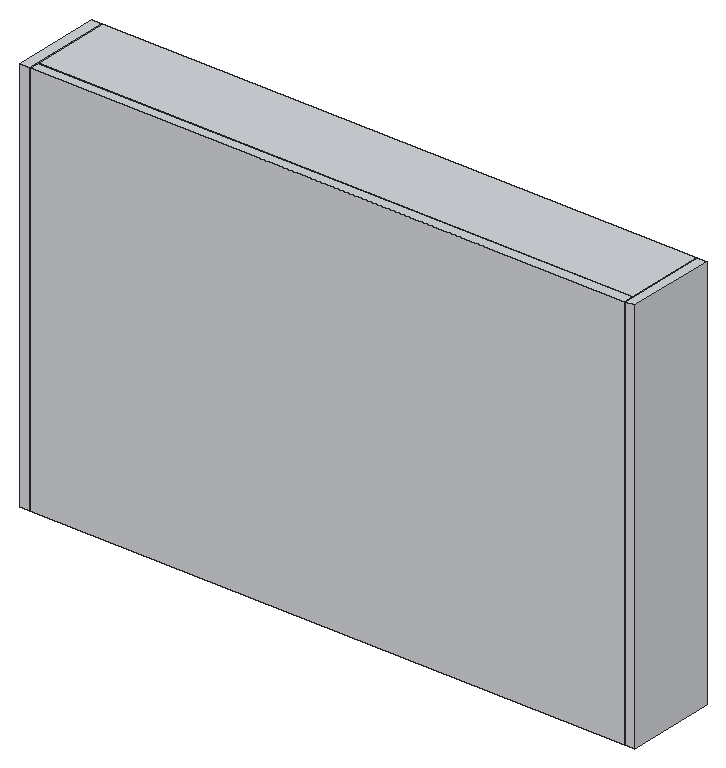
Revit family
Parameters
  profondità = 450 mm
  metà larghezza = larghezza / 2  # 1550 mm
  metà altezza = altezza / 2  # 1000 mm
  larghezza = 3100 mm
  altezza = 2000 mm
  Profondità_scaff = 400 mm
Reference planes
  plane 1 "Centro (Fronte/Retro)": y = 0
  plane 2: z = 0
  plane 3 "Centro (Sinistra/Destra)": x = 0
  plane 4: y = 1000
  plane 5: y = -1000
  plane 6: x = 1500
  plane 7: x = -1500
  plane 8: y = 500
  plane 9: y = -550
  plane 10: x = 0
  plane 11: y = 0
  plane 12: x = -750
  plane 13: x = 750
  plane 14: y = -950
  plane 15: z = 2000
  plane 16: z = 1000
  plane 17: z = 1500
  plane 18: z = 50
  plane 19: z = 510
  plane 20: z = 490
  plane 21: z = 1010
  plane 22: z = 990
  plane 23: z = 1510
  plane 24: z = 1490
  plane 25: z = 1950
  plane 26: x = -1550
  plane 27: x = 1550
  plane 28: x = 20
  plane 29: x = -20
Forms (mm)
  Extrusion 1, solid
    sketch origin (0, 0, 0) x (1, 0, 0) y (0, 1, 0)
      loop
        line (-1500, -950) -> (-1500, -1000) -> (1500, -1000) -> (1500, -950) -> (-1500, -950)
    from 0 to 2000
  Extrusion 2, solid
    sketch origin (0, 0, 0) x (1, 0, 0) y (0, 0, 1)
      loop
        line (-1500, 510) -> (-1500, 490) -> (1500, 490) -> (1500, 510) -> (-1500, 510)
    from 550 to 950
  Extrusion 3, solid
    sketch origin (0, 0, 0) x (1, 0, 0) y (0, 0, 1)
      loop
        line (-1500, 1010) -> (-1500, 990) -> (1500, 990) -> (1500, 1010) -> (-1500, 1010)
    from 550 to 950
  Extrusion 4, solid
    sketch origin (0, 0, 0) x (1, 0, 0) y (0, 0, 1)
      loop
        line (-1500, 1510) -> (-1500, 1490) -> (1500, 1490) -> (1500, 1510) -> (-1500, 1510)
    from 550 to 950
  Extrusion 5, solid
    sketch origin (0, 0, 0) x (1, 0, 0) y (0, 0, 1)
      loop
        line (-1500, 2000) -> (-1500, 1950) -> (1500, 1950) -> (1500, 2000) -> (-1500, 2000)
    from 550 to 950
  Extrusion 6, solid
    sketch origin (0, 0, 0) x (1, 0, 0) y (0, 0, 1)
      loop
        line (1550, 2000) -> (1500, 2000) -> (1500, 0) -> (1550, 0) -> (1550, 2000)
    from 550 to 1000
  Extrusion 7, solid
    sketch origin (0, 0, 0) x (1, 0, 0) y (0, 0, 1)
      loop
        line (-1500, 2000) -> (-1550, 2000) -> (-1550, 0) -> (-1500, 0) -> (-1500, 2000)
    from 550 to 1000
  Extrusion 8, solid
    sketch origin (0, 0, 0) x (1, 0, 0) y (0, 0, 1)
      loop
        line (1500, 50) -> (-1500, 50) -> (-1500, 0) -> (1500, 0) -> (1500, 50)
    from 550 to 950
Dimensions and locks
  "altezza": plane 15 to level
  "metà altezza": plane 16 to level
  plane 15 to level = 2000 mm
  "larghezza": plane 27 to plane 26
  "metà larghezza": plane 27 to plane 3 "Centro (Sinistra/Destra)"
  "profondità": Extrusion 6 to Extrusion 6
  "profondità": Extrusion 7 to Extrusion 7
  "Profondità_scaff": Extrusion 8 to Extrusion 8
  "Profondità_scaff": Extrusion 2 to Extrusion 2
  "Profondità_scaff": Extrusion 3 to Extrusion 3
  "Profondità_scaff": Extrusion 4 to Extrusion 4
  "Profondità_scaff": Extrusion 5 to Extrusion 5
  aligned and locked: plane 7 to Extrusion 1 sketch curve
  aligned and locked: Extrusion 1 sketch curve to plane 14
  aligned and locked: Extrusion 1 sketch curve to plane 6
  aligned and locked: plane 5 to Extrusion 1 sketch curve
  aligned and locked: plane 7 to Extrusion 2 sketch curve
  aligned and locked: Extrusion 2 sketch curve to plane 19
  aligned and locked: Extrusion 2 sketch curve to plane 6
  aligned and locked: plane 7 to Extrusion 3 sketch curve
  aligned and locked: Extrusion 3 sketch curve to plane 6
  aligned and locked: Extrusion 3 sketch curve to plane 21
  aligned and locked: plane 22 to Extrusion 3 sketch curve
  aligned and locked: plane 7 to Extrusion 4 sketch curve
  aligned and locked: Extrusion 4 sketch curve to plane 6
  aligned and locked: plane 24 to Extrusion 4 sketch curve
  aligned and locked: Extrusion 4 sketch curve to plane 23
  aligned and locked: plane 7 to Extrusion 5 sketch curve
  aligned and locked: Extrusion 5 sketch curve to plane 6
  aligned and locked: Extrusion 5 sketch curve to plane 15
  aligned and locked: plane 25 to Extrusion 5 sketch curve
  aligned and locked: Extrusion 6 sketch curve to plane 27
  aligned and locked: Extrusion 6 sketch curve to plane 15
  aligned and locked: plane 2 to Extrusion 6 sketch curve
  aligned and locked: plane 6 to Extrusion 6 sketch curve
  aligned and locked: Extrusion 7 sketch curve to plane 15
  aligned and locked: plane 2 to Extrusion 7 sketch curve
  aligned and locked: plane 26 to Extrusion 7 sketch curve
  aligned and locked: Extrusion 7 sketch curve to plane 7
  aligned and locked: Extrusion 8 sketch curve to plane 6
  aligned and locked: Extrusion 8 sketch curve to plane 18
  aligned and locked: plane 2 to Extrusion 8 sketch curve
  aligned and locked: plane 7 to Extrusion 8 sketch curve
Automatic sketch dimensions
  Extrusion 2 sketch curve to plane 20 = 0 mm
